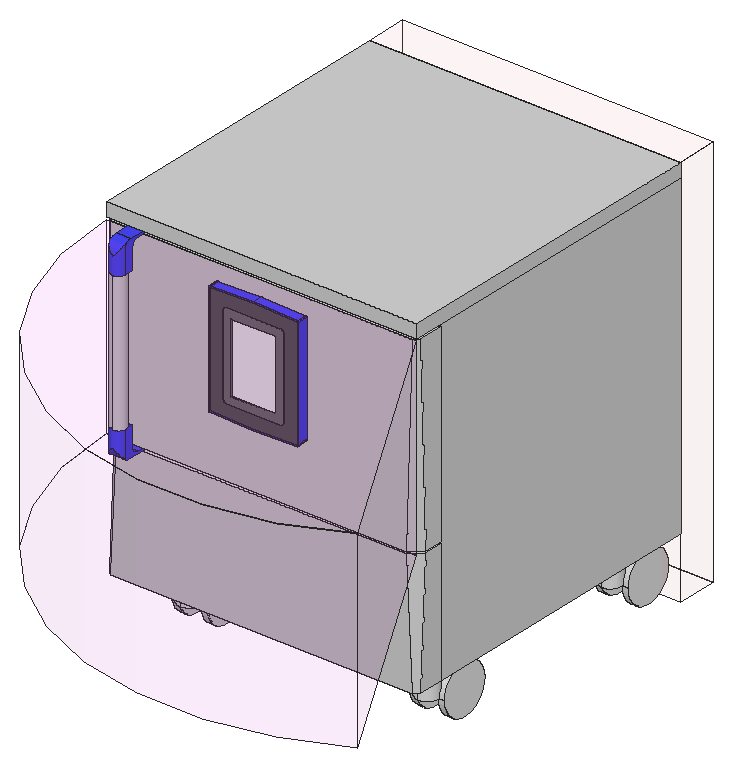
Revit family "Normann_PLUS_PLS5A-R290", category Attrezzature speciali, Revit 2021 (continued)
Definition of nested family "Griglia_Plus"
  Lines and regions (mm)
    model lines, detail levels medium+fine
      curve 1987: line (600.936, -250.699, 0) -> (614.849, -258.731, 0)
      curve 1988: line (600.936, -250.699, 0) -> (614.849, -242.666, 0)
      curve 1989: line (614.849, -242.666, 0) -> (614.849, -258.731, 0)
      curve 1990: line (632.781, -250.699, 0) -> (618.867, -258.731, 0)
      curve 1991: line (632.781, -250.699, 0) -> (618.867, -242.666, 0)
      curve 1992: line (618.867, -242.666, 0) -> (618.867, -258.731, 0)
      curve 1993: line (634.797, -270.438, 0) -> (620.884, -262.405, 0)
      curve 1994: line (634.797, -270.438, 0) -> (634.797, -254.373, 0)
      curve 1995: line (634.797, -254.373, 0) -> (620.884, -262.405, 0)
      curve 1996: line (598.953, -254.362, 0) -> (612.866, -262.395, 0)
      curve 1997: line (598.953, -254.362, 0) -> (598.953, -270.428, 0)
      curve 1998: line (598.953, -270.428, 0) -> (612.866, -262.395, 0)
      curve 1999: line (600.936, -133.703, 0) -> (614.849, -125.67, 0)
      curve 2000: line (600.936, -133.703, 0) -> (614.849, -141.736, 0)
      curve 2001: line (614.849, -141.736, 0) -> (614.849, -125.67, 0)
      curve 2002: line (632.781, -133.703, 0) -> (618.867, -125.67, 0)
      curve 2003: line (632.781, -133.703, 0) -> (618.867, -141.736, 0)
      curve 2004: line (618.867, -141.736, 0) -> (618.867, -125.67, 0)
      curve 2005: line (600.936, -110.699, 0) -> (614.849, -118.731, 0)
      curve 2006: line (600.936, -110.699, 0) -> (614.849, -102.666, 0)
      curve 2007: line (614.849, -102.666, 0) -> (614.849, -118.731, 0)
      curve 2008: line (632.781, -110.699, 0) -> (618.867, -118.731, 0)
      curve 2009: line (632.781, -110.699, 0) -> (618.867, -102.666, 0)
      curve 2010: line (618.867, -102.666, 0) -> (618.867, -118.731, 0)
      curve 2011: line (634.797, -130.438, 0) -> (620.884, -122.405, 0)
      curve 2012: line (634.797, -130.438, 0) -> (634.797, -114.373, 0)
      curve 2013: line (634.797, -114.373, 0) -> (620.884, -122.405, 0)
      curve 2014: line (598.953, -114.362, 0) -> (612.866, -122.395, 0)
      curve 2015: line (598.953, -114.362, 0) -> (598.953, -130.428, 0)
      curve 2016: line (598.953, -130.428, 0) -> (612.866, -122.395, 0)
      curve 2017: line (634.797, -136.968, 0) -> (620.884, -145, 0)
      curve 2018: line (634.797, -136.968, 0) -> (634.797, -153.033, 0)
      curve 2019: line (634.797, -153.033, 0) -> (620.884, -145, 0)
      curve 2020: line (598.953, -153.043, 0) -> (612.866, -145.011, 0)
      curve 2021: line (598.953, -153.043, 0) -> (598.953, -136.978, 0)
      curve 2022: line (598.953, -136.978, 0) -> (612.866, -145.011, 0)
      curve 2023: line (600.936, -89.941, 0) -> (614.849, -81.909, 0)
      curve 2024: line (600.936, -89.941, 0) -> (614.849, -97.974, 0)
      curve 2025: line (614.849, -97.974, 0) -> (614.849, -81.909, 0)
      curve 2026: line (632.781, -89.941, 0) -> (618.867, -81.909, 0)
      curve 2027: line (632.781, -89.941, 0) -> (618.867, -97.974, 0)
      curve 2028: line (618.867, -97.974, 0) -> (618.867, -81.909, 0)
      curve 2029: line (600.936, -66.937, 0) -> (614.849, -74.97, 0)
      curve 2030: line (600.936, -66.937, 0) -> (614.849, -58.904, 0)
      curve 2031: line (614.849, -58.904, 0) -> (614.849, -74.97, 0)
      curve 2032: line (632.781, -66.937, 0) -> (618.867, -74.97, 0)
      curve 2033: line (632.781, -66.937, 0) -> (618.867, -58.904, 0)
      curve 2034: line (618.867, -58.904, 0) -> (618.867, -74.97, 0)
      curve 2035: line (634.797, -86.677, 0) -> (620.884, -78.644, 0)
      curve 2036: line (634.797, -86.677, 0) -> (634.797, -70.611, 0)
      curve 2037: line (634.797, -70.611, 0) -> (620.884, -78.644, 0)
      curve 2038: line (598.953, -70.601, 0) -> (612.866, -78.633, 0)
      curve 2039: line (598.953, -70.601, 0) -> (598.953, -86.666, 0)
      curve 2040: line (598.953, -86.666, 0) -> (612.866, -78.633, 0)
      curve 2041: line (634.797, -93.206, 0) -> (620.884, -101.239, 0)
      curve 2042: line (634.797, -93.206, 0) -> (634.797, -109.272, 0)
      curve 2043: line (634.797, -109.272, 0) -> (620.884, -101.239, 0)
      curve 2044: line (598.953, -109.282, 0) -> (612.866, -101.249, 0)
      curve 2045: line (598.953, -109.282, 0) -> (598.953, -93.217, 0)
      curve 2046: line (598.953, -93.217, 0) -> (612.866, -101.249, 0)
      curve 2047: line (600.936, -43.691, 0) -> (614.849, -35.659, 0)
      curve 2048: line (600.936, -43.691, 0) -> (614.849, -51.724, 0)
      curve 2049: line (614.849, -51.724, 0) -> (614.849, -35.659, 0)
      curve 2050: line (632.781, -43.691, 0) -> (618.867, -35.659, 0)
      curve 2051: line (632.781, -43.691, 0) -> (618.867, -51.724, 0)
      curve 2052: line (618.867, -51.724, 0) -> (618.867, -35.659, 0)
      curve 2053: line (600.936, -20.687, 0) -> (614.849, -28.72, 0)
      curve 2054: line (600.936, -20.687, 0) -> (614.849, -12.654, 0)
      curve 2055: line (614.849, -12.654, 0) -> (614.849, -28.72, 0)
      curve 2056: line (632.781, -20.687, 0) -> (618.867, -28.72, 0)
      curve 2057: line (632.781, -20.687, 0) -> (618.867, -12.654, 0)
      curve 2058: line (618.867, -12.654, 0) -> (618.867, -28.72, 0)
      curve 2059: line (634.797, -40.427, 0) -> (620.884, -32.394, 0)
      curve 2060: line (634.797, -40.427, 0) -> (634.797, -24.361, 0)
      curve 2061: line (634.797, -24.361, 0) -> (620.884, -32.394, 0)
      curve 2062: line (598.953, -24.351, 0) -> (612.866, -32.383, 0)
      curve 2063: line (598.953, -24.351, 0) -> (598.953, -40.416, 0)
      curve 2064: line (598.953, -40.416, 0) -> (612.866, -32.383, 0)
      curve 2065: line (634.797, -46.956, 0) -> (620.884, -54.989, 0)
      curve 2066: line (634.797, -46.956, 0) -> (634.797, -63.022, 0)
      curve 2067: line (634.797, -63.022, 0) -> (620.884, -54.989, 0)
      curve 2068: line (598.953, -63.032, 0) -> (612.866, -54.999, 0)
      curve 2069: line (598.953, -63.032, 0) -> (598.953, -46.967, 0)
      curve 2070: line (598.953, -46.967, 0) -> (612.866, -54.999, 0)
      curve 2071: line (640.936, -180.917, 0) -> (654.849, -172.885, 0)
      curve 2072: line (640.936, -180.917, 0) -> (654.849, -188.95, 0)
      curve 2073: line (654.849, -188.95, 0) -> (654.849, -172.885, 0)
      curve 2074: line (672.781, -180.917, 0) -> (658.867, -172.885, 0)
      curve 2075: line (672.781, -180.917, 0) -> (658.867, -188.95, 0)
      curve 2076: line (658.867, -188.95, 0) -> (658.867, -172.885, 0)
      curve 2077: line (640.936, -157.913, 0) -> (654.849, -165.946, 0)
      curve 2078: line (640.936, -157.913, 0) -> (654.849, -149.88, 0)
      curve 2079: line (654.849, -149.88, 0) -> (654.849, -165.946, 0)
      curve 2080: line (672.781, -157.913, 0) -> (658.867, -165.946, 0)
      curve 2081: line (672.781, -157.913, 0) -> (658.867, -149.88, 0)
      curve 2082: line (658.867, -149.88, 0) -> (658.867, -165.946, 0)
      curve 2083: line (674.797, -177.653, 0) -> (660.884, -169.62, 0)
      curve 2084: line (674.797, -177.653, 0) -> (674.797, -161.587, 0)
      curve 2085: line (674.797, -161.587, 0) -> (660.884, -169.62, 0)
      curve 2086: line (638.953, -161.577, 0) -> (652.866, -169.609, 0)
      curve 2087: line (638.953, -161.577, 0) -> (638.953, -177.642, 0)
      curve 2088: line (638.953, -177.642, 0) -> (652.866, -169.609, 0)
      curve 2089: line (674.797, -184.182, 0) -> (660.884, -192.215, 0)
      curve 2090: line (674.797, -184.182, 0) -> (674.797, -200.248, 0)
      curve 2091: line (674.797, -200.248, 0) -> (660.884, -192.215, 0)
      curve 2092: line (638.953, -200.258, 0) -> (652.866, -192.225, 0)
      curve 2093: line (638.953, -200.258, 0) -> (638.953, -184.192, 0)
      curve 2094: line (638.953, -184.192, 0) -> (652.866, -192.225, 0)
      curve 2095: line (640.936, -227.884, 0) -> (654.849, -219.851, 0)
      curve 2096: line (640.936, -227.884, 0) -> (654.849, -235.917, 0)
      curve 2097: line (654.849, -235.917, 0) -> (654.849, -219.851, 0)
      curve 2098: line (672.781, -227.884, 0) -> (658.867, -219.851, 0)
      curve 2099: line (672.781, -227.884, 0) -> (658.867, -235.917, 0)
      curve 2100: line (658.867, -235.917, 0) -> (658.867, -219.851, 0)
      curve 2101: line (640.936, -204.88, 0) -> (654.849, -212.912, 0)
      curve 2102: line (640.936, -204.88, 0) -> (654.849, -196.847, 0)
      curve 2103: line (654.849, -196.847, 0) -> (654.849, -212.912, 0)
      curve 2104: line (672.781, -204.88, 0) -> (658.867, -212.912, 0)
      curve 2105: line (672.781, -204.88, 0) -> (658.867, -196.847, 0)
      curve 2106: line (658.867, -196.847, 0) -> (658.867, -212.912, 0)
      curve 2107: line (674.797, -224.619, 0) -> (660.884, -216.587, 0)
      curve 2108: line (674.797, -224.619, 0) -> (674.797, -208.554, 0)
      curve 2109: line (674.797, -208.554, 0) -> (660.884, -216.587, 0)
      curve 2110: line (638.953, -208.543, 0) -> (652.866, -216.576, 0)
      curve 2111: line (638.953, -208.543, 0) -> (638.953, -224.609, 0)
      curve 2112: line (638.953, -224.609, 0) -> (652.866, -216.576, 0)
      curve 2113: line (674.797, -231.149, 0) -> (660.884, -239.181, 0)
      curve 2114: line (674.797, -231.149, 0) -> (674.797, -247.214, 0)
      curve 2115: line (674.797, -247.214, 0) -> (660.884, -239.181, 0)
      curve 2116: line (638.953, -247.225, 0) -> (652.866, -239.192, 0)
      curve 2117: line (638.953, -247.225, 0) -> (638.953, -231.159, 0)
      curve 2118: line (638.953, -231.159, 0) -> (652.866, -239.192, 0)
      curve 2119: line (640.936, -273.703, 0) -> (654.849, -265.67, 0)
      curve 2120: line (640.936, -273.703, 0) -> (654.849, -281.736, 0)
      curve 2121: line (654.849, -281.736, 0) -> (654.849, -265.67, 0)
      curve 2122: line (672.781, -273.703, 0) -> (658.867, -265.67, 0)
      curve 2123: line (672.781, -273.703, 0) -> (658.867, -281.736, 0)
      curve 2124: line (658.867, -281.736, 0) -> (658.867, -265.67, 0)
      curve 2125: line (640.936, -250.699, 0) -> (654.849, -258.731, 0)
      curve 2126: line (640.936, -250.699, 0) -> (654.849, -242.666, 0)
      curve 2127: line (654.849, -242.666, 0) -> (654.849, -258.731, 0)
      curve 2128: line (672.781, -250.699, 0) -> (658.867, -258.731, 0)
      curve 2129: line (672.781, -250.699, 0) -> (658.867, -242.666, 0)
      curve 2130: line (658.867, -242.666, 0) -> (658.867, -258.731, 0)
      curve 2131: line (674.797, -270.438, 0) -> (660.884, -262.405, 0)
      curve 2132: line (674.797, -270.438, 0) -> (674.797, -254.373, 0)
      curve 2133: line (674.797, -254.373, 0) -> (660.884, -262.405, 0)
      curve 2134: line (638.953, -254.362, 0) -> (652.866, -262.395, 0)
      curve 2135: line (638.953, -254.362, 0) -> (638.953, -270.428, 0)
      curve 2136: line (638.953, -270.428, 0) -> (652.866, -262.395, 0)
      curve 2137: line (640.936, -133.703, 0) -> (654.849, -125.67, 0)
      curve 2138: line (640.936, -133.703, 0) -> (654.849, -141.736, 0)
      curve 2139: line (654.849, -141.736, 0) -> (654.849, -125.67, 0)
      curve 2140: line (672.781, -133.703, 0) -> (658.867, -125.67, 0)
      curve 2141: line (672.781, -133.703, 0) -> (658.867, -141.736, 0)
      curve 2142: line (658.867, -141.736, 0) -> (658.867, -125.67, 0)
      curve 2143: line (640.936, -110.699, 0) -> (654.849, -118.731, 0)
      curve 2144: line (640.936, -110.699, 0) -> (654.849, -102.666, 0)
      curve 2145: line (654.849, -102.666, 0) -> (654.849, -118.731, 0)
      curve 2146: line (672.781, -110.699, 0) -> (658.867, -118.731, 0)
      curve 2147: line (672.781, -110.699, 0) -> (658.867, -102.666, 0)
      curve 2148: line (658.867, -102.666, 0) -> (658.867, -118.731, 0)
      curve 2149: line (674.797, -130.438, 0) -> (660.884, -122.405, 0)
      curve 2150: line (674.797, -130.438, 0) -> (674.797, -114.373, 0)
      curve 2151: line (674.797, -114.373, 0) -> (660.884, -122.405, 0)
      curve 2152: line (638.953, -114.362, 0) -> (652.866, -122.395, 0)
      curve 2153: line (638.953, -114.362, 0) -> (638.953, -130.428, 0)
      curve 2154: line (638.953, -130.428, 0) -> (652.866, -122.395, 0)
      curve 2155: line (674.797, -136.968, 0) -> (660.884, -145, 0)
      curve 2156: line (674.797, -136.968, 0) -> (674.797, -153.033, 0)
      curve 2157: line (674.797, -153.033, 0) -> (660.884, -145, 0)
      curve 2158: line (638.953, -153.043, 0) -> (652.866, -145.011, 0)
      curve 2159: line (638.953, -153.043, 0) -> (638.953, -136.978, 0)
      curve 2160: line (638.953, -136.978, 0) -> (652.866, -145.011, 0)
      curve 2161: line (640.936, -89.941, 0) -> (654.849, -81.909, 0)
      curve 2162: line (640.936, -89.941, 0) -> (654.849, -97.974, 0)
      curve 2163: line (654.849, -97.974, 0) -> (654.849, -81.909, 0)
      curve 2164: line (672.781, -89.941, 0) -> (658.867, -81.909, 0)
      curve 2165: line (672.781, -89.941, 0) -> (658.867, -97.974, 0)
      curve 2166: line (658.867, -97.974, 0) -> (658.867, -81.909, 0)
      curve 2167: line (640.936, -66.937, 0) -> (654.849, -74.97, 0)
      curve 2168: line (640.936, -66.937, 0) -> (654.849, -58.904, 0)
      curve 2169: line (654.849, -58.904, 0) -> (654.849, -74.97, 0)
      curve 2170: line (672.781, -66.937, 0) -> (658.867, -74.97, 0)
      curve 2171: line (672.781, -66.937, 0) -> (658.867, -58.904, 0)
      curve 2172: line (658.867, -58.904, 0) -> (658.867, -74.97, 0)
      curve 2173: line (674.797, -86.677, 0) -> (660.884, -78.644, 0)
      curve 2174: line (674.797, -86.677, 0) -> (674.797, -70.611, 0)
      curve 2175: line (674.797, -70.611, 0) -> (660.884, -78.644, 0)
      curve 2176: line (638.953, -70.601, 0) -> (652.866, -78.633, 0)
      curve 2177: line (638.953, -70.601, 0) -> (638.953, -86.666, 0)
      curve 2178: line (638.953, -86.666, 0) -> (652.866, -78.633, 0)
      curve 2179: line (674.797, -93.206, 0) -> (660.884, -101.239, 0)
      curve 2180: line (674.797, -93.206, 0) -> (674.797, -109.272, 0)
      curve 2181: line (674.797, -109.272, 0) -> (660.884, -101.239, 0)
      curve 2182: line (638.953, -109.282, 0) -> (652.866, -101.249, 0)
      curve 2183: line (638.953, -109.282, 0) -> (638.953, -93.217, 0)
      curve 2184: line (638.953, -93.217, 0) -> (652.866, -101.249, 0)
      curve 2185: line (640.936, -43.691, 0) -> (654.849, -35.659, 0)
      curve 2186: line (640.936, -43.691, 0) -> (654.849, -51.724, 0)
      curve 2187: line (654.849, -51.724, 0) -> (654.849, -35.659, 0)
      curve 2188: line (672.781, -43.691, 0) -> (658.867, -35.659, 0)
      curve 2189: line (672.781, -43.691, 0) -> (658.867, -51.724, 0)
      curve 2190: line (658.867, -51.724, 0) -> (658.867, -35.659, 0)
      curve 2191: line (640.936, -20.687, 0) -> (654.849, -28.72, 0)
      curve 2192: line (640.936, -20.687, 0) -> (654.849, -12.654, 0)
      curve 2193: line (654.849, -12.654, 0) -> (654.849, -28.72, 0)
      curve 2194: line (672.781, -20.687, 0) -> (658.867, -28.72, 0)
      curve 2195: line (672.781, -20.687, 0) -> (658.867, -12.654, 0)
      curve 2196: line (658.867, -12.654, 0) -> (658.867, -28.72, 0)
      curve 2197: line (674.797, -40.427, 0) -> (660.884, -32.394, 0)
      curve 2198: line (674.797, -40.427, 0) -> (674.797, -24.361, 0)
      curve 2199: line (674.797, -24.361, 0) -> (660.884, -32.394, 0)
      curve 2200: line (638.953, -24.351, 0) -> (652.866, -32.383, 0)
      curve 2201: line (638.953, -24.351, 0) -> (638.953, -40.416, 0)
      curve 2202: line (638.953, -40.416, 0) -> (652.866, -32.383, 0)
      curve 2203: line (674.797, -46.956, 0) -> (660.884, -54.989, 0)
      curve 2204: line (674.797, -46.956, 0) -> (674.797, -63.022, 0)
      curve 2205: line (674.797, -63.022, 0) -> (660.884, -54.989, 0)
      curve 2206: line (638.953, -63.032, 0) -> (652.866, -54.999, 0)
      curve 2207: line (638.953, -63.032, 0) -> (638.953, -46.967, 0)
      curve 2208: line (638.953, -46.967, 0) -> (652.866, -54.999, 0)
      curve 2209: line (680.936, -180.917, 0) -> (694.849, -172.885, 0)
      curve 2210: line (680.936, -180.917, 0) -> (694.849, -188.95, 0)
      curve 2211: line (694.849, -188.95, 0) -> (694.849, -172.885, 0)
      curve 2212: line (712.781, -180.917, 0) -> (698.867, -172.885, 0)
      curve 2213: line (712.781, -180.917, 0) -> (698.867, -188.95, 0)
      curve 2214: line (698.867, -188.95, 0) -> (698.867, -172.885, 0)
      curve 2215: line (680.936, -157.913, 0) -> (694.849, -165.946, 0)
      curve 2216: line (680.936, -157.913, 0) -> (694.849, -149.88, 0)
      curve 2217: line (694.849, -149.88, 0) -> (694.849, -165.946, 0)
      curve 2218: line (712.781, -157.913, 0) -> (698.867, -165.946, 0)
      curve 2219: line (712.781, -157.913, 0) -> (698.867, -149.88, 0)
      curve 2220: line (698.867, -149.88, 0) -> (698.867, -165.946, 0)
      curve 2221: line (714.797, -177.653, 0) -> (700.884, -169.62, 0)
      curve 2222: line (714.797, -177.653, 0) -> (714.797, -161.587, 0)
      curve 2223: line (714.797, -161.587, 0) -> (700.884, -169.62, 0)
      curve 2224: line (678.953, -161.577, 0) -> (692.866, -169.609, 0)
      curve 2225: line (678.953, -161.577, 0) -> (678.953, -177.642, 0)
      curve 2226: line (678.953, -177.642, 0) -> (692.866, -169.609, 0)
      curve 2227: line (714.797, -184.182, 0) -> (700.884, -192.215, 0)
      curve 2228: line (714.797, -184.182, 0) -> (714.797, -200.248, 0)
      curve 2229: line (714.797, -200.248, 0) -> (700.884, -192.215, 0)
      curve 2230: line (678.953, -200.258, 0) -> (692.866, -192.225, 0)
      curve 2231: line (678.953, -200.258, 0) -> (678.953, -184.192, 0)
      curve 2232: line (678.953, -184.192, 0) -> (692.866, -192.225, 0)
      curve 2233: line (680.936, -227.884, 0) -> (694.849, -219.851, 0)
      curve 2234: line (680.936, -227.884, 0) -> (694.849, -235.917, 0)
      curve 2235: line (694.849, -235.917, 0) -> (694.849, -219.851, 0)
      curve 2236: line (712.781, -227.884, 0) -> (698.867, -219.851, 0)
      curve 2237: line (712.781, -227.884, 0) -> (698.867, -235.917, 0)
      curve 2238: line (698.867, -235.917, 0) -> (698.867, -219.851, 0)
      curve 2239: line (680.936, -204.88, 0) -> (694.849, -212.912, 0)
      curve 2240: line (680.936, -204.88, 0) -> (694.849, -196.847, 0)
      curve 2241: line (694.849, -196.847, 0) -> (694.849, -212.912, 0)
      curve 2242: line (712.781, -204.88, 0) -> (698.867, -212.912, 0)
      curve 2243: line (712.781, -204.88, 0) -> (698.867, -196.847, 0)
      curve 2244: line (698.867, -196.847, 0) -> (698.867, -212.912, 0)
      curve 2245: line (714.797, -224.619, 0) -> (700.884, -216.587, 0)
      curve 2246: line (714.797, -224.619, 0) -> (714.797, -208.554, 0)
      curve 2247: line (714.797, -208.554, 0) -> (700.884, -216.587, 0)
      curve 2248: line (678.953, -208.543, 0) -> (692.866, -216.576, 0)
      curve 2249: line (678.953, -208.543, 0) -> (678.953, -224.609, 0)
      curve 2250: line (678.953, -224.609, 0) -> (692.866, -216.576, 0)
      curve 2251: line (714.797, -231.149, 0) -> (700.884, -239.181, 0)
      curve 2252: line (714.797, -231.149, 0) -> (714.797, -247.214, 0)
      curve 2253: line (714.797, -247.214, 0) -> (700.884, -239.181, 0)
      curve 2254: line (678.953, -247.225, 0) -> (692.866, -239.192, 0)
      curve 2255: line (678.953, -247.225, 0) -> (678.953, -231.159, 0)
      curve 2256: line (678.953, -231.159, 0) -> (692.866, -239.192, 0)
      curve 2257: line (680.936, -273.703, 0) -> (694.849, -265.67, 0)
      curve 2258: line (680.936, -273.703, 0) -> (694.849, -281.736, 0)
      curve 2259: line (694.849, -281.736, 0) -> (694.849, -265.67, 0)
      curve 2260: line (712.781, -273.703, 0) -> (698.867, -265.67, 0)
      curve 2261: line (712.781, -273.703, 0) -> (698.867, -281.736, 0)
      curve 2262: line (698.867, -281.736, 0) -> (698.867, -265.67, 0)
      curve 2263: line (680.936, -250.699, 0) -> (694.849, -258.731, 0)
      curve 2264: line (680.936, -250.699, 0) -> (694.849, -242.666, 0)
      curve 2265: line (694.849, -242.666, 0) -> (694.849, -258.731, 0)
      curve 2266: line (712.781, -250.699, 0) -> (698.867, -258.731, 0)
      curve 2267: line (712.781, -250.699, 0) -> (698.867, -242.666, 0)
      curve 2268: line (698.867, -242.666, 0) -> (698.867, -258.731, 0)
      curve 2269: line (714.797, -270.438, 0) -> (700.884, -262.405, 0)
      curve 2270: line (714.797, -270.438, 0) -> (714.797, -254.373, 0)
      curve 2271: line (714.797, -254.373, 0) -> (700.884, -262.405, 0)
      curve 2272: line (678.953, -254.362, 0) -> (692.866, -262.395, 0)
      curve 2273: line (678.953, -254.362, 0) -> (678.953, -270.428, 0)
      curve 2274: line (678.953, -270.428, 0) -> (692.866, -262.395, 0)
      curve 2275: line (680.936, -133.703, 0) -> (694.849, -125.67, 0)
      curve 2276: line (680.936, -133.703, 0) -> (694.849, -141.736, 0)
      curve 2277: line (694.849, -141.736, 0) -> (694.849, -125.67, 0)
      curve 2278: line (712.781, -133.703, 0) -> (698.867, -125.67, 0)
      curve 2279: line (712.781, -133.703, 0) -> (698.867, -141.736, 0)
      curve 2280: line (698.867, -141.736, 0) -> (698.867, -125.67, 0)
      curve 2281: line (680.936, -110.699, 0) -> (694.849, -118.731, 0)
      curve 2282: line (680.936, -110.699, 0) -> (694.849, -102.666, 0)
      curve 2283: line (694.849, -102.666, 0) -> (694.849, -118.731, 0)
      curve 2284: line (712.781, -110.699, 0) -> (698.867, -118.731, 0)
      curve 2285: line (712.781, -110.699, 0) -> (698.867, -102.666, 0)
      curve 2286: line (698.867, -102.666, 0) -> (698.867, -118.731, 0)
      curve 2287: line (714.797, -130.438, 0) -> (700.884, -122.405, 0)
      curve 2288: line (714.797, -130.438, 0) -> (714.797, -114.373, 0)
      curve 2289: line (714.797, -114.373, 0) -> (700.884, -122.405, 0)
      curve 2290: line (678.953, -114.362, 0) -> (692.866, -122.395, 0)
      curve 2291: line (678.953, -114.362, 0) -> (678.953, -130.428, 0)
      curve 2292: line (678.953, -130.428, 0) -> (692.866, -122.395, 0)
      curve 2293: line (714.797, -136.968, 0) -> (700.884, -145, 0)
      curve 2294: line (714.797, -136.968, 0) -> (714.797, -153.033, 0)
      curve 2295: line (714.797, -153.033, 0) -> (700.884, -145, 0)
      curve 2296: line (678.953, -153.043, 0) -> (692.866, -145.011, 0)
      curve 2297: line (678.953, -153.043, 0) -> (678.953, -136.978, 0)
      curve 2298: line (678.953, -136.978, 0) -> (692.866, -145.011, 0)
      curve 2299: line (680.936, -89.941, 0) -> (694.849, -81.909, 0)
      curve 2300: line (680.936, -89.941, 0) -> (694.849, -97.974, 0)
      curve 2301: line (694.849, -97.974, 0) -> (694.849, -81.909, 0)
      curve 2302: line (712.781, -89.941, 0) -> (698.867, -81.909, 0)
      curve 2303: line (712.781, -89.941, 0) -> (698.867, -97.974, 0)
      curve 2304: line (698.867, -97.974, 0) -> (698.867, -81.909, 0)
      curve 2305: line (680.936, -66.937, 0) -> (694.849, -74.97, 0)
      curve 2306: line (680.936, -66.937, 0) -> (694.849, -58.904, 0)
      curve 2307: line (694.849, -58.904, 0) -> (694.849, -74.97, 0)
      curve 2308: line (712.781, -66.937, 0) -> (698.867, -74.97, 0)
      curve 2309: line (712.781, -66.937, 0) -> (698.867, -58.904, 0)
      curve 2310: line (698.867, -58.904, 0) -> (698.867, -74.97, 0)
      curve 2311: line (714.797, -86.677, 0) -> (700.884, -78.644, 0)
      curve 2312: line (714.797, -86.677, 0) -> (714.797, -70.611, 0)
      curve 2313: line (714.797, -70.611, 0) -> (700.884, -78.644, 0)
      curve 2314: line (678.953, -70.601, 0) -> (692.866, -78.633, 0)
      curve 2315: line (678.953, -70.601, 0) -> (678.953, -86.666, 0)
      curve 2316: line (678.953, -86.666, 0) -> (692.866, -78.633, 0)
      curve 2317: line (714.797, -93.206, 0) -> (700.884, -101.239, 0)
      curve 2318: line (714.797, -93.206, 0) -> (714.797, -109.272, 0)
      curve 2319: line (714.797, -109.272, 0) -> (700.884, -101.239, 0)
      curve 2320: line (678.953, -109.282, 0) -> (692.866, -101.249, 0)
      curve 2321: line (678.953, -109.282, 0) -> (678.953, -93.217, 0)
      curve 2322: line (678.953, -93.217, 0) -> (692.866, -101.249, 0)
      curve 2323: line (680.936, -43.691, 0) -> (694.849, -35.659, 0)
      curve 2324: line (680.936, -43.691, 0) -> (694.849, -51.724, 0)
      curve 2325: line (694.849, -51.724, 0) -> (694.849, -35.659, 0)
      curve 2326: line (712.781, -43.691, 0) -> (698.867, -35.659, 0)
      curve 2327: line (712.781, -43.691, 0) -> (698.867, -51.724, 0)
      curve 2328: line (698.867, -51.724, 0) -> (698.867, -35.659, 0)
      curve 2329: line (680.936, -20.687, 0) -> (694.849, -28.72, 0)
      curve 2330: line (680.936, -20.687, 0) -> (694.849, -12.654, 0)
      curve 2331: line (694.849, -12.654, 0) -> (694.849, -28.72, 0)
      curve 2332: line (712.781, -20.687, 0) -> (698.867, -28.72, 0)
      curve 2333: line (712.781, -20.687, 0) -> (698.867, -12.654, 0)
      curve 2334: line (698.867, -12.654, 0) -> (698.867, -28.72, 0)
      curve 2335: line (714.797, -40.427, 0) -> (700.884, -32.394, 0)
      curve 2336: line (714.797, -40.427, 0) -> (714.797, -24.361, 0)
      curve 2337: line (714.797, -24.361, 0) -> (700.884, -32.394, 0)
      curve 2338: line (678.953, -24.351, 0) -> (692.866, -32.383, 0)
      curve 2339: line (678.953, -24.351, 0) -> (678.953, -40.416, 0)
      curve 2340: line (678.953, -40.416, 0) -> (692.866, -32.383, 0)
      curve 2341: line (714.797, -46.956, 0) -> (700.884, -54.989, 0)
      curve 2342: line (714.797, -46.956, 0) -> (714.797, -63.022, 0)
      curve 2343: line (714.797, -63.022, 0) -> (700.884, -54.989, 0)
      curve 2344: line (678.953, -63.032, 0) -> (692.866, -54.999, 0)
      curve 2345: line (678.953, -63.032, 0) -> (678.953, -46.967, 0)
      curve 2346: line (678.953, -46.967, 0) -> (692.866, -54.999, 0)
  Dimensions and locks
    aligned and locked: plane 2 to Extrusion 1
    aligned and locked: level to Extrusion 1
Types (17, lengths in mm): name | Wheel_Feet | Wheel | Optional | Max power warm cycle - W | Max current warm cycle - A | ID | Height_Feet_Actual | Feet
  (no name) | yes | yes | "Multi food probe - with humidity control" | 1750 | 7.7 | "5A1C3D3B1-05F2C" | 150 | no
  PLUS5 AIR, R290, 220-240/1N/50, TFT, LHH, FEET, MULTI POINT FOOD PROBE | no | no | "Multi point food probe" | 1350 | 5.8 | "5A1C3D3B1-05B1B" | 117.1 | yes
  PLUS5 AIR, R290, 220-240/1N/50, TFT, LHH, WHEELS, MULTI POINT FOOD PROBE | yes | yes | "Multi point food probe" | 1350 | 5.8 | "5A1C3D3B1-05B1C" | 150 | no
  PLUS5 AIR, R290, 220-240/1N/50, TFT, RHH, FEET, MULTI POINT FOOD PROBE | no | no | "Multi point food probe" | 1350 | 5.8 | "5A1C3D3B1-05B2B" | 117.1 | yes
  PLUS5 AIR, R290, 220-240/1N/50, TFT, RHH, WHEELS, MULTI POINT FOOD PROBE | yes | yes | "Multi point food probe" | 1350 | 5.8 | "5A1C3D3B1-05B2C" | 150 | no
  PLUS5 AIR, R290, 220-240/1N/50, TFT, LHH, FEET, MULTI FOOD PROBE | no | no | "Multi food probe" | 1350 | 5.8 | "5A1C3D3B1-05C1B" | 117.1 | yes
  PLUS5 AIR, R290, 220-240/1N/50, TFT, LHH, WHEELS, MULTI FOOD PROBE | yes | yes | "Multi food probe" | 1350 | 5.8 | "5A1C3D3B1-05C1C" | 150 | no
  PLUS5 AIR, R290, 220-240/1N/50, TFT, RHH, FEET, MULTI FOOD PROBE | no | no | "Multi food probe" | 1350 | 5.8 | "5A1C3D3B1-05C2B" | 117.1 | yes
  PLUS5 AIR, R290, 220-240/1N/50, TFT, RHH, WHEELS, MULTI FOOD PROBE | yes | yes | "Multi food probe" | 1350 | 5.8 | "5A1C3D3B1-05C2C" | 150 | no
  PLUS5 AIR, R290, 220-240/1N/50, TFT, LHH, FEET, MULTI POINT FOOD PROBE, WITH HUMIDITY CONTROL | no | no | "Multi point food probe - with humidity control" | 1750 | 7.7 | "5A1C3D3B1-05E1B" | 117.1 | yes
  PLUS5 AIR, R290, 220-240/1N/50, TFT, LHH, WHEELS, MULTI POINT FOOD PROBE, WITH HUMIDITY CONTROL | yes | yes | "Multi point food probe - with humidity control" | 1750 | 7.7 | "5A1C3D3B1-05E1C" | 150 | no
  PLUS5 AIR, R290, 220-240/1N/50, TFT, RHH, FEET, MULTI POINT FOOD PROBE, WITH HUMIDITY CONTROL | no | no | "Multi point food probe - with humidity control" | 1750 | 7.7 | "5A1C3D3B1-05E2B" | 117.1 | yes
  PLUS5 AIR, R290, 220-240/1N/50, TFT, RHH, WHEELS, MULTI POINT FOOD PROBE, WITH HUMIDITY CONTROL | yes | yes | "Multi point food probe - with humidity control" | 1750 | 7.7 | "5A1C3D3B1-05E2C" | 150 | no
  PLUS5 AIR, R290, 220-240/1N/50, TFT, LHH, FEET, MULTI FOOD PROBE, WITH HUMIDITY CONTROL | no | no | "Multi food probe - with humidity control" | 1750 | 7.7 | "5A1C3D3B1-05F1B" | 117.1 | yes
  PLUS5 AIR, R290, 220-240/1N/50, TFT, LHH, WHEELS, MULTI FOOD PROBE, WITH HUMIDITY CONTROL | yes | yes | "Multi food probe - with humidity control" | 1750 | 7.7 | "5A1C3D3B1-05F1C" | 150 | no
  PLUS5 AIR, R290, 220-240/1N/50, TFT, RHH, FEET, MULTI FOOD PROBE, WITH HUMIDITY CONTROL | no | no | "Multi food probe - with humidity control" | 1750 | 7.7 | "5A1C3D3B1-05F2B" | 117.1 | yes
  PLUS5 AIR, R290, 220-240/1N/50, TFT, RHH, WHEELS, MULTI FOOD PROBE, WITH HUMIDITY CONTROL | yes | yes | "Multi food probe - with humidity control" | 1750 | 7.7 | "5A1C3D3B1-05F2C" | 150 | no
